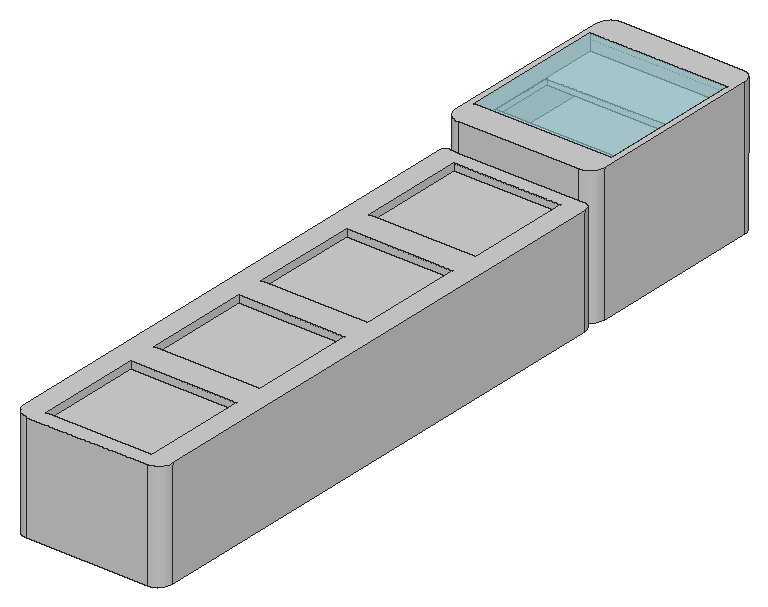
Revit family "Building-IEC309Boards-GEWISS-68QDIN-DISTRIBUTION-BOARD-5MOD_4SOCKET-OUTLETS", category Apparecchi elettrici, host Superficie, Revit 2019
Family settings
  Host = Superficie
  Mantenere orientamento annotazione = Sì
  Quota connettore circolare = Usa diametro
  Tipo di parte = Normale
  Taglio con vuoti quando caricato = No
  Condiviso = No
  Punto di calcolo locali = Sì
Parameters (values of type "GW68026N - Q-DIN 5M.4 FLANGES S.O.50X50 IP65")
  visibilita posizionamento 2d [instance] = yes
  simbolo 2d [instance] = yes
  oggetto in pianta [instance] = not(visibilita posizionamento 2d)  # no
  distanza_simbolo [instance] = 0.1 mm
  bordo acceso [instance] = yes
  Visibilità sportello [instance] = yes
  Version type = "Empty"
  Version file RFA = "21.5"
  VETRO = Vetro
  URL = "https://www.gewiss.com/ww/en"
  Thermo-pressure with ball = "70 °C"
  Technical sheet = "https://www.gewiss.com/ww/en/search?q=GW68026N"
  Spostamento_effettivo_S [instance] = 4000 mm - Spostamento_S  # 3000 mm
  Spostamento_S = 1000 mm
  Simbolo_quadro [instance] = not(simbolo 2d)  # no
  Shock resistance = "IK08"
  STRUTTURA ALTA = Poche
  STRUTTURA = RAL - 7035
  SEO = "Board"
  Realized by GEWISS S.p.A. = ""
  Default Elevation = 1219.2 mm
  Produttore = "GEWISS S.p.A."
  PRESA = rosso
  POMELLO = bianco
  No. of provided blank lids = "1 domestic socket std.50x50 mm"
  No. of modules EN 50022 = "5"
  N_moduli = 5 mm
  Modello = "GW68026N"
  L_Moduli = N_moduli * 19  # 95 mm
  Insulation class = "II"
  Installation type = "Surface-mounting"
  Immagine tipo = GW68026N.jpg
  IP degree = "IP65"
  IDT = "574c8b292fd04b899f8585c9571871c8"
  IDF = "99bb64ca-1f6c-482c-9fba-8859608fa900"
  Houseable socket = "4 domestic socket std.50x50 mm"
  Glow Wire Test = "650°C"
  Electrocod = "2242"
  Dispersible power B (W) = "37"
  Dispersible power A (W) = "10"
  Descrizione = "Q-DIN 5M.4 FLANGES S.O.50X50 IP65"
  Colour = "Grey RAL 7035"
  Catalogue = "BUILDING"
  COBie.Tagnumber = ""
  COBie.CreatedOn = ""
  COBie.CreatebBy = ""
  COBie.ComponentRegisterItemID = ""
  COBie.Component.TagNumber = ""
  COBie.Component.Space = ""
  COBie.Component.SerialNumber = ""
  COBie.Component.InstallationDate = ""
  COBie.Component.Description = ""
  COBie.Component.BarCode = ""
  Accordance with Standards = "EN 62208"
Reference planes
  plane 1 "Centro (Fronte/Retro)": y = 0
  plane 2: z = 0
  plane 3 "Centro (Sinistra/Destra)": x = 0
  plane 4: x = -3000
  plane 5: x = 0
Forms (mm)
  Extrusion 1, solid, material "RAL - 7035" <- "STRUTTURA", detail levels coarse
    sketch origin (0, 0, 0) x (0, 1, 0) y (0, 0, 1)
      loop
        line (-92.5, 96) -> (-92.5, 0) -> (430.5, 0) -> (430.5, 96) -> (-92.5, 96)
    from -52.5 to 52.5
Lines and regions (mm)
  Masking region 1, visible <- "visibilita posizionamento 2d"
    outline origin (0, 0, 0) x (1, 0, 0) y (0, 0, 1)
      loop
        line (-52.5, 0) -> (52.5, 0) -> (52.5, 96) -> (-52.5, 96) -> (-52.5, 0)
Dimensions and locks
  plane 4 to plane 3 "Centro (Sinistra/Destra)" = 3000 mm
  "Spostamento_effettivo_S": plane 4 to plane 5
  aligned and locked: plane 2 to host face
  aligned and locked: level to host face
  aligned and locked: nested 1 to plane 5
  aligned and locked: nested 3 to plane 5
  aligned and locked: Extrusion 1 sketch curve to nested 2
  aligned and locked: nested 2 to plane 5
Automatic sketch dimensions
  host sketch curve to host sketch curve = 2438.4 mm  (x2)
  Extrusion 1 sketch curve to level = 0 mm
  plane 1 "Centro (Fronte/Retro)" to Extrusion 1 sketch curve = 92.5 mm
  Extrusion 1 sketch curve to plane 1 "Centro (Fronte/Retro)" = 430.5 mm
  Masking region 1 sketch curve to level = 0 mm
  Masking region 1 sketch curve to plane 3 "Centro (Sinistra/Destra)" = 52.5 mm
  plane 3 "Centro (Sinistra/Destra)" to Masking region 1 sketch curve = 52.5 mm
  Masking region 1 sketch curve to Masking region 1 sketch curve = 96 mm
Nested families
  nested 1: "CENTRALINO" at (0, 737.795, 0), BORDO ACCESO <- "bordo acceso", SIMBOLO ACCESO <- "simbolo 2d", Distanza dal muro <- "distanza_simbolo", visible <- "simbolo 2d", type "CENTRALINO"
    with SIMBOLO ACCESO yes, Distanza dal muro 0.1 mm, BORDO ACCESO yes
  nested 2: "base_68QDIN5 QUADRO DISTRIBUZ X 4 PRESE IND" at (0, 287.5, 0), type "base_68QDIN5 QUADRO DISTRIBUZ X 4 PRESE IND", detail levels medium+fine
  nested 3: "simb_CENTRALINO_BASE_cad pro" at (0, 737.795, 0), Distanza dal muro <- "distanza_simbolo", visible <- "Simbolo_quadro", SIMBOLO ACCESO <- "Simbolo_quadro", type "simb_CENTRALINO_BASE_cad pro"
    with SIMBOLO ACCESO no, Distanza dal muro 0.1 mm, BORDO ACCESO yes
Definition of nested family "base_68QDIN5 QUADRO DISTRIBUZ X 4 PRESE IND"
  Parameters (values of type "base_68QDIN5 QUADRO DISTRIBUZ X 4 PRESE IND")
    raggio prese = 25 mm
    n_moduli = 5 mm  # constant formula
    h_moduli = 45 mm  # constant formula
    Vetro = none
    Struttura = none
    Spessore = 96 mm
    Default Elevation = 14 mm
    Presa = none
    Lunghezza = 105 mm
    Larghezza = 105 mm
    L_moduli = n_moduli * 19  # 95 mm
    IFC.TypeObject = ""
    IFC.ExportType = ""
    IFC.ExportAs = ""
    H_da terra = 589.057 mm
    COBie.CreatedOn = ""
    COBie.CreatebBy = ""
    COBie.ComponentRegisterItemID = ""
    COBie.Component.TagNumber = ""
    COBie.Component.Space = ""
    COBie.Component.SerialNumber = ""
    COBie.Component.InstallationDate = ""
    COBie.Component.Description = ""
    COBie.Component.BarCode = ""
    Altezza scatole = 350 mm
    Altezza quadro = 150 mm
    Altezza = 258 mm
  Reference planes
    plane 1 "Centro (Fronte/Retro)": y = 0
    plane 2: z = 0
    plane 3 "Centro (Sinistra/Destra)": x = 0
    plane 4: z = 62.089
    plane 5: z = 103.126
    plane 6: z = 76.196
    plane 7: x = -52.5
    plane 8: x = 52.5
    plane 9: x = -48.5
    plane 10: x = 48.5
    plane 11: y = 123.21
    plane 12: y = 21.246
    plane 13: y = 0
    plane 14: y = -105
    plane 15: y = -180
    plane 16: y = -85
    plane 17: y = -10
    plane 18: y = -380
    plane 19: y = 143
    plane 20: z = 71.196
    plane 21: y = 84
    plane 22: y = 39
    plane 23: x = -47.5
    plane 24: x = 47.5
    plane 25: z = 92.059
    plane 26: z = 96
    plane 27 "posizionamento moduli": z = 84.734
    plane 28: z = 80.558
    plane 29: y = 61.5
    plane 30: y = -200
    plane 31: y = -275
    plane 32: y = -237.5
    plane 33: y = -47.5
    plane 34: y = -142.5
    plane 35: z = 67.987
  Forms (mm)
    Extrusion 1, solid, material <- "Struttura"
      sketch origin (0, -857.311, 0) x (1, 0, 0) y (0, 1, 0)
        loop
          arc (-42.5, 1000.311) -> (-49.571, 997.382) -> (-52.5, 990.311) r 10
          line (-52.5, 990.311) -> (-52.5, 867.311)
          arc (-52.5, 867.311) -> (-49.571, 860.24) -> (-42.5, 857.311) r 10
          line (-42.5, 857.311) -> (42.5, 857.311)
          arc (42.5, 857.311) -> (49.571, 860.24) -> (52.5, 867.311) r 10
          line (52.5, 867.311) -> (52.5, 990.311)
          arc (52.5, 990.311) -> (49.571, 997.382) -> (42.5, 1000.311) r 10
          line (42.5, 1000.311) -> (-42.5, 1000.311)
      from 0 to 96
    Extrusion 2, solid, material <- "Struttura"
      sketch origin (0, -857.311, 0) x (1, 0, 0) y (0, 1, 0)
        loop
          line (44.95, 857.311) -> (-48.88, 857.311)
          arc (-48.88, 857.311) -> (-51.44, 856.251) -> (-52.5, 853.691) r 3.62
          line (-52.5, 853.691) -> (-52.5, 487.311)
          arc (-52.5, 487.311) -> (-49.571, 480.24) -> (-42.5, 477.311) r 10
          line (-42.5, 477.311) -> (42.5, 477.311)
          arc (42.5, 477.311) -> (49.571, 480.24) -> (52.5, 487.311) r 10
          line (52.5, 487.311) -> (52.5, 849.76)
          arc (52.5, 849.76) -> (50.289, 855.099) -> (44.95, 857.311) r 7.55
      from 0 to 76.196
    Extrusion 3, void
      sketch origin (0, -857.311, 0) x (1, 0, 0) y (0, 1, 0)
        loop
          line (-48.5, 980.52) -> (-48.5, 878.557) -> (48.5, 878.557) -> (48.5, 980.52) -> (-48.5, 980.52)
      from 62.089 to 96
    Extrusion 4, solid, material <- "Vetro", detail levels fine
      sketch origin (0, -857.311, 0) x (1, 0, 0) y (0, 1, 0)
        loop
          line (-48.5, 980.52) -> (-48.5, 878.557) -> (48.5, 878.557) -> (48.5, 980.52) -> (-48.5, 980.52)
      from 92.059 to 96
    Extrusion 5, void
      sketch origin (0, -857.311, 0) x (1, 0, 0) y (0, 1, 0)
        loop
          line (-37.506, 847.311) -> (-37.506, 772.311) -> (37.506, 772.311) -> (37.506, 847.311) -> (-37.506, 847.311)
      from 71.196 to 76.196
    Extrusion 6, void
      sketch origin (0, -992.311, 0) x (1, 0, 0) y (0, 1, 0)
        loop
          line (-37.506, 887.311) -> (-37.506, 812.311) -> (37.506, 812.311) -> (37.506, 887.311) -> (-37.506, 887.311)
      from 71.196 to 76.196
    Extrusion 7, void
      sketch origin (0, 0, 0) x (1, 0, 0) y (0, 1, 0)
        loop
          line (-47.5, 39) -> (47.5, 39) -> (47.5, 84) -> (-47.5, 84) -> (-47.5, 39)
      from 80.558 to 84.734
    Extrusion 8, solid
      sketch origin (0, 0, 0) x (1, 0, 0) y (0, 1, 0)
        loop
          line (-48.5, 123.21) -> (-48.5, 21.246) -> (48.5, 21.246) -> (48.5, 123.21) -> (-48.5, 123.21)
      from 80.558 to 84.734
    Extrusion 9, void
      sketch origin (0, -1087.311, 0) x (1, 0, 0) y (0, 1, 0)
        loop
          line (-37.506, 887.311) -> (-37.506, 812.311) -> (37.506, 812.311) -> (37.506, 887.311) -> (-37.506, 887.311)
      from 71.196 to 76.196
    Extrusion 10, void
      sketch origin (0, -1182.311, 0) x (1, 0, 0) y (0, 1, 0)
        loop
          line (-37.506, 887.311) -> (-37.506, 812.311) -> (37.506, 812.311) -> (37.506, 887.311) -> (-37.506, 887.311)
      from 71.196 to 76.196
  Cuts and joins
    Extrusion 3 cuts Extrusion 1
    Extrusion 5, Extrusion 6, Extrusion 9, Extrusion 10 cuts Extrusion 2
    Extrusion 7 cuts Extrusion 8
    Extrusion 7 cuts Extrusion 4
  Lines and regions (mm)
    model lines
      curve 1: line (-47.5, 61.5, 84.734) -> (47.5, 61.5, 84.734)
  Dimensions and locks
    locked: plane 4 to plane 5 at 41.036
    locked: plane 7 to plane 9 at 4
    locked: plane 10 to plane 8 at 4
    equal spacing: plane 7, plane 3 "Centro (Sinistra/Destra)", plane 8
    "Larghezza": plane 7 to plane 8
    plane 13 to plane 17 = 10 mm
    locked: plane 16 to plane 14 at 20
    plane 17 to plane 16 = 75 mm
    plane 14 to plane 15 = 75 mm
    plane 1 "Centro (Fronte/Retro)" to plane 19 = 143 mm
    plane 18 to plane 13 = 380 mm
    plane 12 to plane 1 "Centro (Fronte/Retro)" = 21.246 mm
    plane 11 to plane 19 = 19.79 mm
    locked: plane 6 to plane 20 at 5
    locked: plane 19 to plane 21 at 59
    "h_moduli": plane 21 to plane 22
    equal spacing: plane 23, plane 3 "Centro (Sinistra/Destra)", plane 24
    "L_moduli": plane 23 to plane 24
    locked: plane 26 to plane 25 at 3.941
    plane 6 to plane 2 = 76.196 mm
    locked: plane 25 to plane 27 "posizionamento moduli" at 7.325
    locked: plane 27 "posizionamento moduli" to plane 28 at 4.176
    equal spacing: plane 21, plane 29, plane 22
    locked: plane 15 to plane 30 at 20
    locked: plane 30 to plane 31 at 75
    locked: plane 20 to plane 35 at 3.209
    radius of Extrusion 2 sketch curve = 10 mm  (x2)
    radius of Extrusion 2 sketch curve = 3.62 mm
    radius of Extrusion 2 sketch curve = 7.55 mm
    radius of Extrusion 1 sketch curve = 10 mm  (x4)
    aligned and locked: level to plane 2
    aligned and locked: cut or joined group of Extrusion 1, Extrusion 3 to plane 4  (x2)
    aligned and locked: Extrusion 2 to plane 6
    aligned and locked: Extrusion 2 sketch curve to plane 7
    aligned and locked: Extrusion 2 sketch curve to plane 8
    aligned and locked: plane 8 to Extrusion 1 sketch curve
    aligned and locked: plane 7 to Extrusion 1 sketch curve
    aligned and locked: Extrusion 4 sketch curve to plane 9
    aligned and locked: Extrusion 4 sketch curve to plane 10
    aligned and locked: Extrusion 3 sketch curve to plane 9
    aligned and locked: Extrusion 3 sketch curve to plane 10
    aligned and locked: Extrusion 4 sketch curve to plane 11
    aligned and locked: plane 12 to Extrusion 4 sketch curve
    aligned and locked: Extrusion 3 sketch curve to plane 11
    aligned and locked: plane 12 to Extrusion 3 sketch curve
    aligned and locked: plane 13 to Extrusion 1 sketch curve
    aligned and locked: Extrusion 2 sketch curve to plane 13
    aligned and locked: plane 18 to Extrusion 2 sketch curve
    aligned and locked: Extrusion 5 to plane 16
    aligned and locked: plane 17 to Extrusion 5
    aligned and locked: plane 14 to Extrusion 6
    aligned and locked: plane 1 "Centro (Fronte/Retro)" to plane 13
    aligned and locked: plane 19 to Extrusion 1 sketch curve
    aligned and locked: Extrusion 6 to plane 15
    aligned and locked: Extrusion 6 to plane 20
    aligned and locked: Extrusion 6 to plane 6
    aligned and locked: Extrusion 5 to plane 20
    aligned and locked: Extrusion 5 to plane 6
    aligned and locked: Extrusion 7 sketch curve to plane 23
    aligned and locked: Extrusion 7 sketch curve to plane 21
    aligned and locked: Extrusion 7 sketch curve to plane 22
    aligned and locked: Extrusion 7 sketch curve to plane 24
    aligned and locked: plane 26 to cut or joined group of Extrusion 1, Extrusion 3
    aligned and locked: plane 27 "posizionamento moduli" to Extrusion 7
    aligned and locked: Extrusion 7 to plane 28
    aligned and locked: Extrusion 8 sketch curve to plane 11
    aligned and locked: Extrusion 8 sketch curve to plane 12
    aligned and locked: Extrusion 8 to plane 28
    aligned and locked: plane 27 "posizionamento moduli" to Extrusion 8
    aligned and locked: Extrusion 8 sketch curve to Extrusion 4  (x2)
    aligned and locked: plane 29 to curve 1
    aligned and locked: cut or joined group of Extrusion 2, Extrusion 5, Extrusion 6, Extrusion 9, Extrusion 10 to plane 20
  Automatic sketch dimensions
    Extrusion 5 sketch curve to plane 16 = 0 mm
    Extrusion 5 sketch curve to plane 17 = 0 mm
    Extrusion 5 sketch curve to plane 23 = 9.994 mm
    plane 24 to Extrusion 5 sketch curve = 9.994 mm
    Extrusion 6 sketch curve to plane 15 = 0 mm
    Extrusion 6 sketch curve to plane 14 = 0 mm
    Extrusion 6 sketch curve to plane 23 = 9.994 mm
    plane 24 to Extrusion 6 sketch curve = 9.994 mm
    curve 1 to plane 23 = 0 mm
    curve 1 to plane 24 = 0 mm
    Extrusion 9 sketch curve to plane 31 = 0 mm
    Extrusion 9 sketch curve to plane 30 = 0 mm
    Extrusion 9 sketch curve to plane 23 = 9.994 mm
    plane 24 to Extrusion 9 sketch curve = 9.994 mm
    Extrusion 10 sketch curve to plane 23 = 9.994 mm
    plane 24 to Extrusion 10 sketch curve = 9.994 mm
    Extrusion 10 sketch curve to plane 18 = 10 mm
    Extrusion 10 sketch curve to plane 31 = 20 mm
Definition of nested family "CENTRALINO"
  Parameters (values of type "CENTRALINO")
    SIMBOLO ACCESO [instance] = yes
    Distanza dal muro [instance] = 0 mm
    BORDO ACCESO [instance] = yes
  Reference planes
    plane 1: y = 0
    plane 2: x = 0
  Dimensions and locks
    "Distanza dal muro": plane 1 to nested 1
    aligned and locked: plane 2 to nested 1
  Nested families
    nested 1: "CENTRALINO_BASE" at (0, 0, 0), BORDO ACCESO <- "BORDO ACCESO", visible <- "SIMBOLO ACCESO", type "CENTRALINO"
      with BORDO ACCESO yes
  Definition of nested family "CENTRALINO_BASE"
    Parameters (values of type "CENTRALINO")
      Distanza dal muro = 0 mm
      BORDO ACCESO [instance] = yes
    Reference planes
      plane 1: y = 0
      plane 2: x = 0
    Lines and regions (mm)
      detail lines, visible <- "BORDO ACCESO", not visible
        curve 1: line (-2.443, 10.208, 0) -> (2.057, 10.208, 0)
        curve 2: line (2.057, 10.208, 0) -> (2.057, 4.208, 0)
        curve 3: line (2.057, 4.208, 0) -> (-2.443, 4.208, 0)
        curve 4: line (-2.443, 4.208, 0) -> (-2.443, 10.208, 0)
        curve 5: line (-2.043, 9.808, 0) -> (1.657, 9.808, 0)
        curve 6: line (1.657, 9.808, 0) -> (1.657, 4.608, 0)
        curve 7: line (1.657, 4.608, 0) -> (-2.043, 4.608, 0)
        curve 8: line (-2.043, 4.608, 0) -> (-2.043, 9.808, 0)
      detail lines
        curve 9: line (0, 0.671, 0) -> (0, 0, 0)
        curve 10: line (0.659, 0.671, 0) -> (0.659, 1.33, 0)
        curve 11: line (0.659, 1.33, 0) -> (-0.659, 1.33, 0)
        curve 12: line (-0.659, 1.33, 0) -> (-0.659, 0.671, 0)
        curve 13: line (-0.659, 0.671, 0) -> (0.659, 0.671, 0)
        curve 14: line (0.497, 1.33, 0) -> (0.497, 2, 0)
        curve 15: line (0.167, 1.33, 0) -> (0.167, 2, 0)
        curve 16: line (-0.162, 1.33, 0) -> (-0.162, 2, 0)
        curve 17: line (-0.491, 1.33, 0) -> (-0.491, 2, 0)
Definition of nested family "simb_CENTRALINO_BASE_cad pro"
  Parameters (values of type "simb_CENTRALINO_BASE_cad pro")
    SIMBOLO ACCESO [instance] = yes
    Distanza dal muro [instance] = 0 mm
    BORDO ACCESO [instance] = yes
  Reference planes
    plane 1: y = 0
    plane 2: x = 0
  Dimensions and locks
    "Distanza dal muro": plane 1 to nested 1
    aligned and locked: plane 2 to nested 1
  Nested families
    nested 1: "CENTRALINO_BASE_cad pro" at (0, 0, 0), type "CENTRALINO"
  Definition of nested family "CENTRALINO_BASE_cad pro"
    Parameters (values of type "CENTRALINO")
      Distanza dal muro = 0 mm
    Reference planes
      plane 1: y = 0
      plane 2: x = 0
    Lines and regions (mm)
      detail lines
        curve 1: line (1.33, 1.33, 0) -> (2.109, 1.33, 0)
        curve 2: line (2.109, 1.33, 0) -> (2.109, 0, 0)
        curve 3: line (2.109, 0, 0) -> (1.33, 0, 0)
        curve 4: line (1.33, 0, 0) -> (-1.33, 1.33, 0)
        curve 5: line (-1.33, 1.33, 0) -> (1.33, 1.33, 0)
        curve 6: line (1.33, 1.33, 0) -> (1.33, 0, 0)
        curve 7: line (1.33, 0, 0) -> (-1.33, 0, 0)
        curve 8: line (-1.33, 0, 0) -> (-1.33, 1.33, 0)
        curve 9: line (1.461, 0.665, 0) -> (1.977, 0.665, 0)
        curve 10: line (1.719, 0.665, 0) -> (1.719, 1.01, 0)
        curve 11: arc (1.977, 0.406, 0) -> (1.719, 0.665, 0) -> (1.461, 0.406, 0) r 0.258
